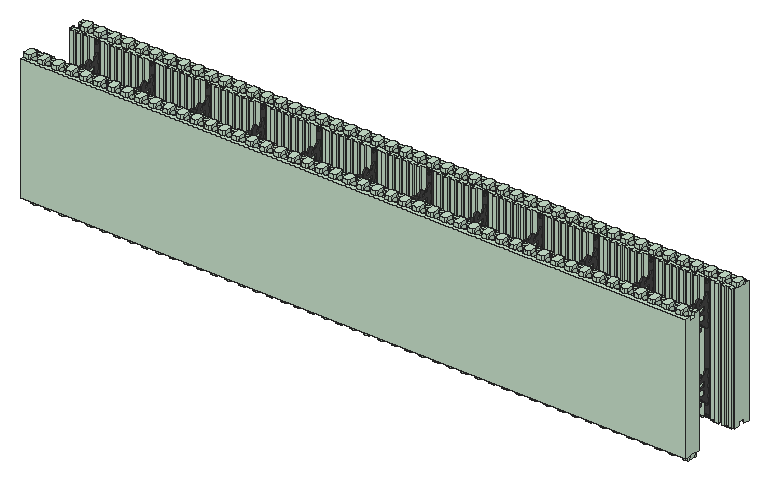
Revit family (continued)
Automatic sketch dimensions
  Extrusion 120 sketch curve to Extrusion 120 sketch curve = 0' - 0 1/4"  (x4)
  Extrusion 120 sketch curve to Extrusion 120 sketch curve = 0' - 0.07692"  (x2)
  Extrusion 120 sketch curve to Extrusion 120 sketch curve = 0' - 0.17323"
  Extrusion 120 sketch curve to Extrusion 120 sketch curve = 0' - 0.01019"
  Extrusion 120 sketch curve to Extrusion 120 sketch curve = 0' - 0.07677"
  Extrusion 120 sketch curve to Extrusion 120 sketch curve = 0' - 0.17083"
  Extrusion 120 sketch curve to Extrusion 120 sketch curve = 0' - 0.01665"
  Extrusion 120 sketch curve to Extrusion 120 sketch curve = 0' - 0.14808"
  Extrusion 120 sketch curve to Extrusion 120 sketch curve = 0' - 0.33686"
  Extrusion 120 sketch curve to Extrusion 120 sketch curve = 0' - 0.2216"
  plane 8 to Extrusion 121 sketch curve = 0' - 0.72692"
  Extrusion 121 sketch curve to plane 3 "Center (Left/Right)" = 3' - 11"
  Extrusion 121 sketch curve to Extrusion 121 sketch curve = 0' - 0.17308"  (x2)
  Extrusion 121 sketch curve to Extrusion 121 sketch curve = 0' - 0"  (x5)
  Extrusion 121 sketch curve to Extrusion 121 sketch curve = 0' - 0 1/4"  (x4)
  Extrusion 121 sketch curve to Extrusion 121 sketch curve = 0' - 0.07692"  (x2)
  Extrusion 121 sketch curve to Extrusion 121 sketch curve = 0' - 0.17323"
  Extrusion 121 sketch curve to Extrusion 121 sketch curve = 0' - 0.01019"
  Extrusion 121 sketch curve to Extrusion 121 sketch curve = 0' - 0.07677"
  Extrusion 121 sketch curve to Extrusion 121 sketch curve = 0' - 0.17083"
  Extrusion 121 sketch curve to Extrusion 121 sketch curve = 0' - 0.01665"
  Extrusion 121 sketch curve to Extrusion 121 sketch curve = 0' - 0.14808"
  Extrusion 121 sketch curve to Extrusion 121 sketch curve = 0' - 0.33686"
  Extrusion 121 sketch curve to Extrusion 121 sketch curve = 0' - 0.2216"
  plane 8 to Extrusion 122 sketch curve = 0' - 0.72692"
  plane 4 to Extrusion 122 sketch curve = 3' - 11"
  Extrusion 122 sketch curve to Extrusion 122 sketch curve = 0' - 0.17308"  (x2)
  Extrusion 122 sketch curve to Extrusion 122 sketch curve = 0' - 0"  (x5)
  Extrusion 122 sketch curve to Extrusion 122 sketch curve = 0' - 0 1/4"  (x4)
  Extrusion 122 sketch curve to Extrusion 122 sketch curve = 0' - 0.07692"  (x2)
  Extrusion 122 sketch curve to Extrusion 122 sketch curve = 0' - 0.17323"
  Extrusion 122 sketch curve to Extrusion 122 sketch curve = 0' - 0.01019"
  Extrusion 122 sketch curve to Extrusion 122 sketch curve = 0' - 0.07677"
  Extrusion 122 sketch curve to Extrusion 122 sketch curve = 0' - 0.17083"
  Extrusion 122 sketch curve to Extrusion 122 sketch curve = 0' - 0.01665"
  Extrusion 122 sketch curve to Extrusion 122 sketch curve = 0' - 0.14808"
  Extrusion 122 sketch curve to Extrusion 122 sketch curve = 0' - 0.33686"
  Extrusion 122 sketch curve to Extrusion 122 sketch curve = 0' - 0.2216"
  plane 8 to Extrusion 123 sketch curve = 0' - 0.72692"
  plane 4 to Extrusion 123 sketch curve = 3' - 9"
  Extrusion 123 sketch curve to Extrusion 123 sketch curve = 0' - 0.17308"  (x2)
  Extrusion 123 sketch curve to Extrusion 123 sketch curve = 0' - 0"  (x5)
  Extrusion 123 sketch curve to Extrusion 123 sketch curve = 0' - 0.07692"  (x3)
  Extrusion 123 sketch curve to Extrusion 123 sketch curve = 0' - 0 1/4"  (x3)
  Extrusion 123 sketch curve to Extrusion 123 sketch curve = 0' - 0.17323"
  Extrusion 123 sketch curve to Extrusion 123 sketch curve = 0' - 0.01019"
  Extrusion 123 sketch curve to Extrusion 123 sketch curve = 0' - 0.07677"
  Extrusion 123 sketch curve to Extrusion 123 sketch curve = 0' - 0.17083"
  Extrusion 123 sketch curve to Extrusion 123 sketch curve = 0' - 0.01665"
  Extrusion 123 sketch curve to Extrusion 123 sketch curve = 0' - 0.14808"
  Extrusion 123 sketch curve to Extrusion 123 sketch curve = 0' - 0.33686"
  Extrusion 123 sketch curve to Extrusion 123 sketch curve = 0' - 0.2216"
  plane 8 to Extrusion 124 sketch curve = 0' - 0.72692"
  plane 4 to Extrusion 124 sketch curve = 3' - 7"
  Extrusion 124 sketch curve to Extrusion 124 sketch curve = 0' - 0.17308"  (x2)
  Extrusion 124 sketch curve to Extrusion 124 sketch curve = 0' - 0"  (x5)
  Extrusion 124 sketch curve to Extrusion 124 sketch curve = 0' - 0 1/4"  (x4)
  Extrusion 124 sketch curve to Extrusion 124 sketch curve = 0' - 0.07692"  (x2)
  Extrusion 124 sketch curve to Extrusion 124 sketch curve = 0' - 0.17323"
  Extrusion 124 sketch curve to Extrusion 124 sketch curve = 0' - 0.01019"
  Extrusion 124 sketch curve to Extrusion 124 sketch curve = 0' - 0.07677"
  Extrusion 124 sketch curve to Extrusion 124 sketch curve = 0' - 0.17083"
  Extrusion 124 sketch curve to Extrusion 124 sketch curve = 0' - 0.01665"
  Extrusion 124 sketch curve to Extrusion 124 sketch curve = 0' - 0.14808"
  Extrusion 124 sketch curve to Extrusion 124 sketch curve = 0' - 0.33686"
  Extrusion 124 sketch curve to Extrusion 124 sketch curve = 0' - 0.2216"
  plane 8 to Extrusion 125 sketch curve = 0' - 0.72692"
  plane 4 to Extrusion 125 sketch curve = 3' - 5"
  Extrusion 125 sketch curve to Extrusion 125 sketch curve = 0' - 0.17308"  (x2)
  Extrusion 125 sketch curve to Extrusion 125 sketch curve = 0' - 0"  (x5)
  Extrusion 125 sketch curve to Extrusion 125 sketch curve = 0' - 0 1/4"  (x4)
  Extrusion 125 sketch curve to Extrusion 125 sketch curve = 0' - 0.07692"  (x2)
  Extrusion 125 sketch curve to Extrusion 125 sketch curve = 0' - 0.17323"
  Extrusion 125 sketch curve to Extrusion 125 sketch curve = 0' - 0.01019"
  Extrusion 125 sketch curve to Extrusion 125 sketch curve = 0' - 0.07677"
  Extrusion 125 sketch curve to Extrusion 125 sketch curve = 0' - 0.17083"
  Extrusion 125 sketch curve to Extrusion 125 sketch curve = 0' - 0.01665"
  Extrusion 125 sketch curve to Extrusion 125 sketch curve = 0' - 0.14808"
  Extrusion 125 sketch curve to Extrusion 125 sketch curve = 0' - 0.33686"
  Extrusion 125 sketch curve to Extrusion 125 sketch curve = 0' - 0.2216"
  plane 8 to Extrusion 126 sketch curve = 0' - 0.72692"
  plane 4 to Extrusion 126 sketch curve = 3' - 3"
  Extrusion 126 sketch curve to Extrusion 126 sketch curve = 0' - 0.17308"  (x2)
  Extrusion 126 sketch curve to Extrusion 126 sketch curve = 0' - 0"  (x5)
  Extrusion 126 sketch curve to Extrusion 126 sketch curve = 0' - 0 1/4"  (x4)
  Extrusion 126 sketch curve to Extrusion 126 sketch curve = 0' - 0.07692"  (x2)
  Extrusion 126 sketch curve to Extrusion 126 sketch curve = 0' - 0.17323"
  Extrusion 126 sketch curve to Extrusion 126 sketch curve = 0' - 0.01019"
  Extrusion 126 sketch curve to Extrusion 126 sketch curve = 0' - 0.07677"
  Extrusion 126 sketch curve to Extrusion 126 sketch curve = 0' - 0.17083"
  Extrusion 126 sketch curve to Extrusion 126 sketch curve = 0' - 0.01665"
  Extrusion 126 sketch curve to Extrusion 126 sketch curve = 0' - 0.14808"
  Extrusion 126 sketch curve to Extrusion 126 sketch curve = 0' - 0.33686"
  Extrusion 126 sketch curve to Extrusion 126 sketch curve = 0' - 0.2216"
  plane 8 to Extrusion 127 sketch curve = 0' - 0.72692"
  plane 4 to Extrusion 127 sketch curve = 3' - 1"
  Extrusion 127 sketch curve to Extrusion 127 sketch curve = 0' - 0.17308"  (x2)
  Extrusion 127 sketch curve to Extrusion 127 sketch curve = 0' - 0"  (x5)
  Extrusion 127 sketch curve to Extrusion 127 sketch curve = 0' - 0 1/4"  (x4)
  Extrusion 127 sketch curve to Extrusion 127 sketch curve = 0' - 0.07692"  (x2)
  Extrusion 127 sketch curve to Extrusion 127 sketch curve = 0' - 0.17323"
  Extrusion 127 sketch curve to Extrusion 127 sketch curve = 0' - 0.01019"
  Extrusion 127 sketch curve to Extrusion 127 sketch curve = 0' - 0.07677"
  Extrusion 127 sketch curve to Extrusion 127 sketch curve = 0' - 0.17083"
  Extrusion 127 sketch curve to Extrusion 127 sketch curve = 0' - 0.01665"
  Extrusion 127 sketch curve to Extrusion 127 sketch curve = 0' - 0.14808"
  Extrusion 127 sketch curve to Extrusion 127 sketch curve = 0' - 0.33686"
  Extrusion 127 sketch curve to Extrusion 127 sketch curve = 0' - 0.2216"
  plane 8 to Extrusion 128 sketch curve = 0' - 0.72692"
  plane 4 to Extrusion 128 sketch curve = 2' - 11"
  Extrusion 128 sketch curve to Extrusion 128 sketch curve = 0' - 0.17308"  (x2)
  Extrusion 128 sketch curve to Extrusion 128 sketch curve = 0' - 0"  (x5)
  Extrusion 128 sketch curve to Extrusion 128 sketch curve = 0' - 0 1/4"  (x4)
  Extrusion 128 sketch curve to Extrusion 128 sketch curve = 0' - 0.07692"  (x2)
  Extrusion 128 sketch curve to Extrusion 128 sketch curve = 0' - 0.17323"
  Extrusion 128 sketch curve to Extrusion 128 sketch curve = 0' - 0.01019"
  Extrusion 128 sketch curve to Extrusion 128 sketch curve = 0' - 0.07677"
  Extrusion 128 sketch curve to Extrusion 128 sketch curve = 0' - 0.17083"
  Extrusion 128 sketch curve to Extrusion 128 sketch curve = 0' - 0.01665"
  Extrusion 128 sketch curve to Extrusion 128 sketch curve = 0' - 0.14808"
  Extrusion 128 sketch curve to Extrusion 128 sketch curve = 0' - 0.33686"
  Extrusion 128 sketch curve to Extrusion 128 sketch curve = 0' - 0.2216"
  plane 8 to Extrusion 129 sketch curve = 0' - 0.72692"
  plane 4 to Extrusion 129 sketch curve = 2' - 9"
  Extrusion 129 sketch curve to Extrusion 129 sketch curve = 0' - 0.17308"  (x2)
  Extrusion 129 sketch curve to Extrusion 129 sketch curve = 0' - 0"  (x5)
  Extrusion 129 sketch curve to Extrusion 129 sketch curve = 0' - 0 1/4"  (x4)
  Extrusion 129 sketch curve to Extrusion 129 sketch curve = 0' - 0.07692"  (x2)
  Extrusion 129 sketch curve to Extrusion 129 sketch curve = 0' - 0.17323"
  Extrusion 129 sketch curve to Extrusion 129 sketch curve = 0' - 0.01019"
  Extrusion 129 sketch curve to Extrusion 129 sketch curve = 0' - 0.07677"
  Extrusion 129 sketch curve to Extrusion 129 sketch curve = 0' - 0.17083"
  Extrusion 129 sketch curve to Extrusion 129 sketch curve = 0' - 0.01665"
  Extrusion 129 sketch curve to Extrusion 129 sketch curve = 0' - 0.14808"
  Extrusion 129 sketch curve to Extrusion 129 sketch curve = 0' - 0.33686"
  Extrusion 129 sketch curve to Extrusion 129 sketch curve = 0' - 0.2216"
  plane 8 to Extrusion 130 sketch curve = 0' - 0.72692"
  plane 4 to Extrusion 130 sketch curve = 2' - 7"
  Extrusion 130 sketch curve to Extrusion 130 sketch curve = 0' - 0.17308"  (x2)
  Extrusion 130 sketch curve to Extrusion 130 sketch curve = 0' - 0"  (x5)
  Extrusion 130 sketch curve to Extrusion 130 sketch curve = 0' - 0 1/4"  (x4)
  Extrusion 130 sketch curve to Extrusion 130 sketch curve = 0' - 0.07692"  (x2)
  Extrusion 130 sketch curve to Extrusion 130 sketch curve = 0' - 0.17323"
  Extrusion 130 sketch curve to Extrusion 130 sketch curve = 0' - 0.01019"
  Extrusion 130 sketch curve to Extrusion 130 sketch curve = 0' - 0.07677"
  Extrusion 130 sketch curve to Extrusion 130 sketch curve = 0' - 0.17083"
  Extrusion 130 sketch curve to Extrusion 130 sketch curve = 0' - 0.01665"
  Extrusion 130 sketch curve to Extrusion 130 sketch curve = 0' - 0.14808"
  Extrusion 130 sketch curve to Extrusion 130 sketch curve = 0' - 0.33686"
  Extrusion 130 sketch curve to Extrusion 130 sketch curve = 0' - 0.2216"
  plane 8 to Extrusion 131 sketch curve = 0' - 0.72692"
  plane 4 to Extrusion 131 sketch curve = 2' - 5"
  Extrusion 131 sketch curve to Extrusion 131 sketch curve = 0' - 0.17308"  (x2)
  Extrusion 131 sketch curve to Extrusion 131 sketch curve = 0' - 0"  (x5)
  Extrusion 131 sketch curve to Extrusion 131 sketch curve = 0' - 0 1/4"  (x4)
  Extrusion 131 sketch curve to Extrusion 131 sketch curve = 0' - 0.07692"  (x2)
  Extrusion 131 sketch curve to Extrusion 131 sketch curve = 0' - 0.17323"
  Extrusion 131 sketch curve to Extrusion 131 sketch curve = 0' - 0.01019"
  Extrusion 131 sketch curve to Extrusion 131 sketch curve = 0' - 0.07677"
  Extrusion 131 sketch curve to Extrusion 131 sketch curve = 0' - 0.17083"
  Extrusion 131 sketch curve to Extrusion 131 sketch curve = 0' - 0.01665"
  Extrusion 131 sketch curve to Extrusion 131 sketch curve = 0' - 0.14808"
  Extrusion 131 sketch curve to Extrusion 131 sketch curve = 0' - 0.33686"
  Extrusion 131 sketch curve to Extrusion 131 sketch curve = 0' - 0.2216"
  plane 8 to Extrusion 132 sketch curve = 0' - 0.72692"
  plane 4 to Extrusion 132 sketch curve = 2' - 3"
  Extrusion 132 sketch curve to Extrusion 132 sketch curve = 0' - 0.17308"  (x2)
  Extrusion 132 sketch curve to Extrusion 132 sketch curve = 0' - 0"  (x5)
  Extrusion 132 sketch curve to Extrusion 132 sketch curve = 0' - 0 1/4"  (x4)
  Extrusion 132 sketch curve to Extrusion 132 sketch curve = 0' - 0.07692"  (x2)
  Extrusion 132 sketch curve to Extrusion 132 sketch curve = 0' - 0.17323"
  Extrusion 132 sketch curve to Extrusion 132 sketch curve = 0' - 0.01019"
  Extrusion 132 sketch curve to Extrusion 132 sketch curve = 0' - 0.07677"
  Extrusion 132 sketch curve to Extrusion 132 sketch curve = 0' - 0.17083"
  Extrusion 132 sketch curve to Extrusion 132 sketch curve = 0' - 0.01665"
  Extrusion 132 sketch curve to Extrusion 132 sketch curve = 0' - 0.14808"
  Extrusion 132 sketch curve to Extrusion 132 sketch curve = 0' - 0.33686"
  Extrusion 132 sketch curve to Extrusion 132 sketch curve = 0' - 0.2216"
  plane 8 to Extrusion 133 sketch curve = 0' - 0.72692"
  plane 4 to Extrusion 133 sketch curve = 2' - 1"
  Extrusion 133 sketch curve to Extrusion 133 sketch curve = 0' - 0.17308"  (x2)
  Extrusion 133 sketch curve to Extrusion 133 sketch curve = 0' - 0"  (x5)
  Extrusion 133 sketch curve to Extrusion 133 sketch curve = 0' - 0 1/4"  (x4)
  Extrusion 133 sketch curve to Extrusion 133 sketch curve = 0' - 0.07692"  (x2)
  Extrusion 133 sketch curve to Extrusion 133 sketch curve = 0' - 0.17323"
  Extrusion 133 sketch curve to Extrusion 133 sketch curve = 0' - 0.01019"
  Extrusion 133 sketch curve to Extrusion 133 sketch curve = 0' - 0.07677"
  Extrusion 133 sketch curve to Extrusion 133 sketch curve = 0' - 0.17083"
  Extrusion 133 sketch curve to Extrusion 133 sketch curve = 0' - 0.01665"
  Extrusion 133 sketch curve to Extrusion 133 sketch curve = 0' - 0.14808"
  Extrusion 133 sketch curve to Extrusion 133 sketch curve = 0' - 0.33686"
  Extrusion 133 sketch curve to Extrusion 133 sketch curve = 0' - 0.2216"
  plane 8 to Extrusion 134 sketch curve = 0' - 0.72692"
  plane 4 to Extrusion 134 sketch curve = 1' - 11"
  Extrusion 134 sketch curve to Extrusion 134 sketch curve = 0' - 0.17308"  (x2)
  Extrusion 134 sketch curve to Extrusion 134 sketch curve = 0' - 0"  (x5)
  Extrusion 134 sketch curve to Extrusion 134 sketch curve = 0' - 0 1/4"  (x4)
  Extrusion 134 sketch curve to Extrusion 134 sketch curve = 0' - 0.07692"  (x2)
  Extrusion 134 sketch curve to Extrusion 134 sketch curve = 0' - 0.17323"
  Extrusion 134 sketch curve to Extrusion 134 sketch curve = 0' - 0.01019"
  Extrusion 134 sketch curve to Extrusion 134 sketch curve = 0' - 0.07677"
  Extrusion 134 sketch curve to Extrusion 134 sketch curve = 0' - 0.17083"
  Extrusion 134 sketch curve to Extrusion 134 sketch curve = 0' - 0.01665"
  Extrusion 134 sketch curve to Extrusion 134 sketch curve = 0' - 0.14808"
  Extrusion 134 sketch curve to Extrusion 134 sketch curve = 0' - 0.33686"
  Extrusion 134 sketch curve to Extrusion 134 sketch curve = 0' - 0.2216"
  plane 8 to Extrusion 135 sketch curve = 0' - 0.72692"
  plane 4 to Extrusion 135 sketch curve = 1' - 9"
  Extrusion 135 sketch curve to Extrusion 135 sketch curve = 0' - 0.17308"  (x2)
  Extrusion 135 sketch curve to Extrusion 135 sketch curve = 0' - 0"  (x5)
  Extrusion 135 sketch curve to Extrusion 135 sketch curve = 0' - 0 1/4"  (x4)
  Extrusion 135 sketch curve to Extrusion 135 sketch curve = 0' - 0.07692"  (x2)
  Extrusion 135 sketch curve to Extrusion 135 sketch curve = 0' - 0.17323"
  Extrusion 135 sketch curve to Extrusion 135 sketch curve = 0' - 0.01019"
  Extrusion 135 sketch curve to Extrusion 135 sketch curve = 0' - 0.07677"
  Extrusion 135 sketch curve to Extrusion 135 sketch curve = 0' - 0.17083"
  Extrusion 135 sketch curve to Extrusion 135 sketch curve = 0' - 0.01665"
  Extrusion 135 sketch curve to Extrusion 135 sketch curve = 0' - 0.14808"
  Extrusion 135 sketch curve to Extrusion 135 sketch curve = 0' - 0.33686"
  Extrusion 135 sketch curve to Extrusion 135 sketch curve = 0' - 0.2216"
  plane 8 to Extrusion 136 sketch curve = 0' - 0.72692"
  plane 4 to Extrusion 136 sketch curve = 1' - 7"
  Extrusion 136 sketch curve to Extrusion 136 sketch curve = 0' - 0.17308"  (x2)
  Extrusion 136 sketch curve to Extrusion 136 sketch curve = 0' - 0"  (x5)
  Extrusion 136 sketch curve to Extrusion 136 sketch curve = 0' - 0 1/4"  (x4)
  Extrusion 136 sketch curve to Extrusion 136 sketch curve = 0' - 0.07692"  (x2)
  Extrusion 136 sketch curve to Extrusion 136 sketch curve = 0' - 0.17323"
  Extrusion 136 sketch curve to Extrusion 136 sketch curve = 0' - 0.01019"
  Extrusion 136 sketch curve to Extrusion 136 sketch curve = 0' - 0.07677"
  Extrusion 136 sketch curve to Extrusion 136 sketch curve = 0' - 0.17083"
  Extrusion 136 sketch curve to Extrusion 136 sketch curve = 0' - 0.01665"
  Extrusion 136 sketch curve to Extrusion 136 sketch curve = 0' - 0.14808"
  Extrusion 136 sketch curve to Extrusion 136 sketch curve = 0' - 0.33686"
  Extrusion 136 sketch curve to Extrusion 136 sketch curve = 0' - 0.2216"
  plane 8 to Extrusion 137 sketch curve = 0' - 0.72692"
  plane 4 to Extrusion 137 sketch curve = 1' - 5"
  Extrusion 137 sketch curve to Extrusion 137 sketch curve = 0' - 0.17308"  (x2)
  Extrusion 137 sketch curve to Extrusion 137 sketch curve = 0' - 0"  (x5)
  Extrusion 137 sketch curve to Extrusion 137 sketch curve = 0' - 0 1/4"  (x4)
  Extrusion 137 sketch curve to Extrusion 137 sketch curve = 0' - 0.07692"  (x2)
  Extrusion 137 sketch curve to Extrusion 137 sketch curve = 0' - 0.17323"
  Extrusion 137 sketch curve to Extrusion 137 sketch curve = 0' - 0.01019"
  Extrusion 137 sketch curve to Extrusion 137 sketch curve = 0' - 0.07677"
  Extrusion 137 sketch curve to Extrusion 137 sketch curve = 0' - 0.17083"
  Extrusion 137 sketch curve to Extrusion 137 sketch curve = 0' - 0.01665"
  Extrusion 137 sketch curve to Extrusion 137 sketch curve = 0' - 0.14808"
  Extrusion 137 sketch curve to Extrusion 137 sketch curve = 0' - 0.33686"
  Extrusion 137 sketch curve to Extrusion 137 sketch curve = 0' - 0.2216"
  plane 8 to Extrusion 138 sketch curve = 0' - 0.72692"
  plane 4 to Extrusion 138 sketch curve = 1' - 3"
  Extrusion 138 sketch curve to Extrusion 138 sketch curve = 0' - 0.17308"  (x2)
  Extrusion 138 sketch curve to Extrusion 138 sketch curve = 0' - 0"  (x5)
  Extrusion 138 sketch curve to Extrusion 138 sketch curve = 0' - 0.07692"  (x3)
  Extrusion 138 sketch curve to Extrusion 138 sketch curve = 0' - 0 1/4"  (x3)
  Extrusion 138 sketch curve to Extrusion 138 sketch curve = 0' - 0.17323"
  Extrusion 138 sketch curve to Extrusion 138 sketch curve = 0' - 0.01019"
  Extrusion 138 sketch curve to Extrusion 138 sketch curve = 0' - 0.07677"
  Extrusion 138 sketch curve to Extrusion 138 sketch curve = 0' - 0.17083"
  Extrusion 138 sketch curve to Extrusion 138 sketch curve = 0' - 0.01665"
  Extrusion 138 sketch curve to Extrusion 138 sketch curve = 0' - 0.14808"
  Extrusion 138 sketch curve to Extrusion 138 sketch curve = 0' - 0.33686"
  Extrusion 138 sketch curve to Extrusion 138 sketch curve = 0' - 0.2216"
  plane 8 to Extrusion 139 sketch curve = 0' - 0.72692"
  plane 4 to Extrusion 139 sketch curve = 1' - 1"
  Extrusion 139 sketch curve to Extrusion 139 sketch curve = 0' - 0.17308"  (x2)
  Extrusion 139 sketch curve to Extrusion 139 sketch curve = 0' - 0"  (x5)
  Extrusion 139 sketch curve to Extrusion 139 sketch curve = 0' - 0 1/4"  (x4)
  Extrusion 139 sketch curve to Extrusion 139 sketch curve = 0' - 0.07692"  (x2)
  Extrusion 139 sketch curve to Extrusion 139 sketch curve = 0' - 0.17323"
  Extrusion 139 sketch curve to Extrusion 139 sketch curve = 0' - 0.01019"
  Extrusion 139 sketch curve to Extrusion 139 sketch curve = 0' - 0.07677"
  Extrusion 139 sketch curve to Extrusion 139 sketch curve = 0' - 0.17083"
  Extrusion 139 sketch curve to Extrusion 139 sketch curve = 0' - 0.01665"
  Extrusion 139 sketch curve to Extrusion 139 sketch curve = 0' - 0.14808"
  Extrusion 139 sketch curve to Extrusion 139 sketch curve = 0' - 0.33686"
  Extrusion 139 sketch curve to Extrusion 139 sketch curve = 0' - 0.2216"
  plane 8 to Extrusion 140 sketch curve = 0' - 0.72692"
  plane 4 to Extrusion 140 sketch curve = 0' - 11"
  Extrusion 140 sketch curve to Extrusion 140 sketch curve = 0' - 0.17308"  (x2)
  Extrusion 140 sketch curve to Extrusion 140 sketch curve = 0' - 0"  (x5)
  Extrusion 140 sketch curve to Extrusion 140 sketch curve = 0' - 0 1/4"  (x4)
  Extrusion 140 sketch curve to Extrusion 140 sketch curve = 0' - 0.07692"  (x2)
  Extrusion 140 sketch curve to Extrusion 140 sketch curve = 0' - 0.17323"
  Extrusion 140 sketch curve to Extrusion 140 sketch curve = 0' - 0.01019"
  Extrusion 140 sketch curve to Extrusion 140 sketch curve = 0' - 0.07677"
  Extrusion 140 sketch curve to Extrusion 140 sketch curve = 0' - 0.17083"
  Extrusion 140 sketch curve to Extrusion 140 sketch curve = 0' - 0.01665"
  Extrusion 140 sketch curve to Extrusion 140 sketch curve = 0' - 0.14808"
  Extrusion 140 sketch curve to Extrusion 140 sketch curve = 0' - 0.33686"
  Extrusion 140 sketch curve to Extrusion 140 sketch curve = 0' - 0.2216"
  plane 8 to Extrusion 141 sketch curve = 0' - 0.72692"
  plane 4 to Extrusion 141 sketch curve = 0' - 9"
  Extrusion 141 sketch curve to Extrusion 141 sketch curve = 0' - 0.17308"  (x2)
  Extrusion 141 sketch curve to Extrusion 141 sketch curve = 0' - 0"  (x5)
  Extrusion 141 sketch curve to Extrusion 141 sketch curve = 0' - 0 1/4"  (x4)
  Extrusion 141 sketch curve to Extrusion 141 sketch curve = 0' - 0.07692"  (x2)
  Extrusion 141 sketch curve to Extrusion 141 sketch curve = 0' - 0.17323"
  Extrusion 141 sketch curve to Extrusion 141 sketch curve = 0' - 0.01019"
  Extrusion 141 sketch curve to Extrusion 141 sketch curve = 0' - 0.07677"
  Extrusion 141 sketch curve to Extrusion 141 sketch curve = 0' - 0.17083"
  Extrusion 141 sketch curve to Extrusion 141 sketch curve = 0' - 0.01665"
  Extrusion 141 sketch curve to Extrusion 141 sketch curve = 0' - 0.14808"
  Extrusion 141 sketch curve to Extrusion 141 sketch curve = 0' - 0.33686"
  Extrusion 141 sketch curve to Extrusion 141 sketch curve = 0' - 0.2216"
  plane 8 to Extrusion 142 sketch curve = 0' - 0.72692"
  plane 4 to Extrusion 142 sketch curve = 0' - 7"
  Extrusion 142 sketch curve to Extrusion 142 sketch curve = 0' - 0.17308"  (x2)
  Extrusion 142 sketch curve to Extrusion 142 sketch curve = 0' - 0"  (x5)
  Extrusion 142 sketch curve to Extrusion 142 sketch curve = 0' - 0 1/4"  (x4)
  Extrusion 142 sketch curve to Extrusion 142 sketch curve = 0' - 0.07692"  (x2)
  Extrusion 142 sketch curve to Extrusion 142 sketch curve = 0' - 0.17323"
  Extrusion 142 sketch curve to Extrusion 142 sketch curve = 0' - 0.01019"
  Extrusion 142 sketch curve to Extrusion 142 sketch curve = 0' - 0.07677"
  Extrusion 142 sketch curve to Extrusion 142 sketch curve = 0' - 0.17083"
  Extrusion 142 sketch curve to Extrusion 142 sketch curve = 0' - 0.01665"
  Extrusion 142 sketch curve to Extrusion 142 sketch curve = 0' - 0.14808"
  Extrusion 142 sketch curve to Extrusion 142 sketch curve = 0' - 0.33686"
  Extrusion 142 sketch curve to Extrusion 142 sketch curve = 0' - 0.2216"
  plane 8 to Extrusion 143 sketch curve = 0' - 0.72692"
  plane 4 to Extrusion 143 sketch curve = 0' - 5"
  Extrusion 143 sketch curve to Extrusion 143 sketch curve = 0' - 0.17308"  (x2)
  Extrusion 143 sketch curve to Extrusion 143 sketch curve = 0' - 0"  (x5)
  Extrusion 143 sketch curve to Extrusion 143 sketch curve = 0' - 0 1/4"  (x4)
  Extrusion 143 sketch curve to Extrusion 143 sketch curve = 0' - 0.07692"  (x2)
  Extrusion 143 sketch curve to Extrusion 143 sketch curve = 0' - 0.17323"
  Extrusion 143 sketch curve to Extrusion 143 sketch curve = 0' - 0.01019"
  Extrusion 143 sketch curve to Extrusion 143 sketch curve = 0' - 0.07677"
  Extrusion 143 sketch curve to Extrusion 143 sketch curve = 0' - 0.17083"
  Extrusion 143 sketch curve to Extrusion 143 sketch curve = 0' - 0.01665"
  Extrusion 143 sketch curve to Extrusion 143 sketch curve = 0' - 0.14808"
  Extrusion 143 sketch curve to Extrusion 143 sketch curve = 0' - 0.33686"
  Extrusion 143 sketch curve to Extrusion 143 sketch curve = 0' - 0.2216"
  plane 8 to Extrusion 144 sketch curve = 0' - 0.72692"
  plane 4 to Extrusion 144 sketch curve = 0' - 3"
  Extrusion 144 sketch curve to Extrusion 144 sketch curve = 0' - 0.17308"  (x2)
  Extrusion 144 sketch curve to Extrusion 144 sketch curve = 0' - 0"  (x5)
  Extrusion 144 sketch curve to Extrusion 144 sketch curve = 0' - 0 1/4"  (x4)
  Extrusion 144 sketch curve to Extrusion 144 sketch curve = 0' - 0.07692"  (x2)
  Extrusion 144 sketch curve to Extrusion 144 sketch curve = 0' - 0.17323"
  Extrusion 144 sketch curve to Extrusion 144 sketch curve = 0' - 0.01019"
  Extrusion 144 sketch curve to Extrusion 144 sketch curve = 0' - 0.07677"
  Extrusion 144 sketch curve to Extrusion 144 sketch curve = 0' - 0.17083"
  Extrusion 144 sketch curve to Extrusion 144 sketch curve = 0' - 0.01665"
  Extrusion 144 sketch curve to Extrusion 144 sketch curve = 0' - 0.14808"
  Extrusion 144 sketch curve to Extrusion 144 sketch curve = 0' - 0.33686"
  Extrusion 144 sketch curve to Extrusion 144 sketch curve = 0' - 0.2216"
  plane 4 to Extrusion 145 sketch curve = 0' - 1"
  Extrusion 145 sketch curve to Extrusion 145 sketch curve = 0' - 0.17308"  (x2)
  Extrusion 145 sketch curve to Extrusion 145 sketch curve = 0' - 0"  (x5)
  Extrusion 145 sketch curve to Extrusion 145 sketch curve = 0' - 0 1/4"  (x4)
  Extrusion 145 sketch curve to Extrusion 145 sketch curve = 0' - 0.07692"  (x2)
  Extrusion 145 sketch curve to Extrusion 145 sketch curve = 0' - 0.17323"
  Extrusion 145 sketch curve to Extrusion 145 sketch curve = 0' - 0.01019"
  Extrusion 145 sketch curve to Extrusion 145 sketch curve = 0' - 0.07677"
  Extrusion 145 sketch curve to Extrusion 145 sketch curve = 0' - 0.17083"
  Extrusion 145 sketch curve to Extrusion 145 sketch curve = 0' - 0.01665"
  plane 8 to Extrusion 145 sketch curve = 0' - 0.48905"
  Extrusion 145 sketch curve to Extrusion 145 sketch curve = 0' - 0.14808"
  Extrusion 145 sketch curve to Extrusion 145 sketch curve = 0' - 0.33686"
  Extrusion 145 sketch curve to Extrusion 145 sketch curve = 0' - 0.2216"
  Extrusion 146 sketch curve to plane 4 = 0' - 0"
  plane 4 to Extrusion 146 sketch curve = 0' - 0.02075"
  Extrusion 146 sketch curve to Extrusion 146 sketch curve = 0' - 0.04585"
  Extrusion 146 sketch curve to Extrusion 146 sketch curve = 0' - 0"  (x4)
  Extrusion 146 sketch curve to Extrusion 146 sketch curve = 0' - 0.01665"
  plane 4 to Extrusion 146 sketch curve = 0' - 0.17308"
  Extrusion 146 sketch curve to Extrusion 146 sketch curve = 0' - 0 1/4"  (x5)
  Extrusion 146 sketch curve to Extrusion 146 sketch curve = 0' - 0.17083"
  Extrusion 146 sketch curve to Extrusion 146 sketch curve = 0' - 0 1/16"
  Extrusion 146 sketch curve to Extrusion 146 sketch curve = 0' - 0.01019"
  Extrusion 146 sketch curve to Extrusion 146 sketch curve = 0' - 0.07692"  (x2)
  Extrusion 146 sketch curve to plane 7 = 0' - 0.48905"
  Extrusion 146 sketch curve to Extrusion 146 sketch curve = 0' - 0.14808"
  Extrusion 146 sketch curve to Extrusion 146 sketch curve = 0' - 0.33686"
  Extrusion 146 sketch curve to Extrusion 146 sketch curve = 0' - 0.2216"
  Extrusion 147 sketch curve to plane 7 = 0' - 0.72692"
  plane 4 to Extrusion 147 sketch curve = 0' - 3"
  Extrusion 147 sketch curve to Extrusion 147 sketch curve = 0' - 0.17308"  (x2)
  Extrusion 147 sketch curve to Extrusion 147 sketch curve = 0' - 0"  (x5)
  Extrusion 147 sketch curve to Extrusion 147 sketch curve = 0' - 0 1/4"  (x4)
  Extrusion 147 sketch curve to Extrusion 147 sketch curve = 0' - 0.07692"  (x2)
  Extrusion 147 sketch curve to Extrusion 147 sketch curve = 0' - 0.17323"
  Extrusion 147 sketch curve to Extrusion 147 sketch curve = 0' - 0.01019"
  Extrusion 147 sketch curve to Extrusion 147 sketch curve = 0' - 0.07677"
  Extrusion 147 sketch curve to Extrusion 147 sketch curve = 0' - 0.17083"
  Extrusion 147 sketch curve to Extrusion 147 sketch curve = 0' - 0.01665"
  Extrusion 147 sketch curve to Extrusion 147 sketch curve = 0' - 0.14808"
  Extrusion 147 sketch curve to Extrusion 147 sketch curve = 0' - 0.33686"
  Extrusion 147 sketch curve to Extrusion 147 sketch curve = 0' - 0.2216"
  Extrusion 148 sketch curve to plane 7 = 0' - 0.72692"
  plane 4 to Extrusion 148 sketch curve = 0' - 5"
  Extrusion 148 sketch curve to Extrusion 148 sketch curve = 0' - 0.17308"  (x2)
  Extrusion 148 sketch curve to Extrusion 148 sketch curve = 0' - 0"  (x5)
  Extrusion 148 sketch curve to Extrusion 148 sketch curve = 0' - 0 1/4"  (x5)
  Extrusion 148 sketch curve to Extrusion 148 sketch curve = 0' - 0.17323"
  Extrusion 148 sketch curve to Extrusion 148 sketch curve = 0' - 0.01019"
  Extrusion 148 sketch curve to Extrusion 148 sketch curve = 0' - 0.07677"
  Extrusion 148 sketch curve to Extrusion 148 sketch curve = 0' - 0.07692"
  Extrusion 148 sketch curve to Extrusion 148 sketch curve = 0' - 0.17083"
  Extrusion 148 sketch curve to Extrusion 148 sketch curve = 0' - 0.01665"
  Extrusion 148 sketch curve to Extrusion 148 sketch curve = 0' - 0.14808"
  Extrusion 148 sketch curve to Extrusion 148 sketch curve = 0' - 0.33686"
  Extrusion 148 sketch curve to Extrusion 148 sketch curve = 0' - 0.2216"
  Extrusion 149 sketch curve to plane 7 = 0' - 0.72692"
  plane 4 to Extrusion 149 sketch curve = 0' - 7"
  Extrusion 149 sketch curve to Extrusion 149 sketch curve = 0' - 0.17308"  (x2)
  Extrusion 149 sketch curve to Extrusion 149 sketch curve = 0' - 0"  (x5)
  Extrusion 149 sketch curve to Extrusion 149 sketch curve = 0' - 0 1/4"  (x5)
  Extrusion 149 sketch curve to Extrusion 149 sketch curve = 0' - 0.17323"
  Extrusion 149 sketch curve to Extrusion 149 sketch curve = 0' - 0.01019"
  Extrusion 149 sketch curve to Extrusion 149 sketch curve = 0' - 0.07677"
  Extrusion 149 sketch curve to Extrusion 149 sketch curve = 0' - 0.07692"
  Extrusion 149 sketch curve to Extrusion 149 sketch curve = 0' - 0.17083"
  Extrusion 149 sketch curve to Extrusion 149 sketch curve = 0' - 0.01665"
  Extrusion 149 sketch curve to Extrusion 149 sketch curve = 0' - 0.14808"
  Extrusion 149 sketch curve to Extrusion 149 sketch curve = 0' - 0.33686"
  Extrusion 149 sketch curve to Extrusion 149 sketch curve = 0' - 0.2216"
  Extrusion 150 sketch curve to plane 7 = 0' - 0.72692"
  plane 4 to Extrusion 150 sketch curve = 0' - 9"
  Extrusion 150 sketch curve to Extrusion 150 sketch curve = 0' - 0.17308"  (x2)
  Extrusion 150 sketch curve to Extrusion 150 sketch curve = 0' - 0"  (x5)
  Extrusion 150 sketch curve to Extrusion 150 sketch curve = 0' - 0 1/4"  (x5)
  Extrusion 150 sketch curve to Extrusion 150 sketch curve = 0' - 0.17323"
  Extrusion 150 sketch curve to Extrusion 150 sketch curve = 0' - 0.01019"
  Extrusion 150 sketch curve to Extrusion 150 sketch curve = 0' - 0.07677"
  Extrusion 150 sketch curve to Extrusion 150 sketch curve = 0' - 0.07692"
  Extrusion 150 sketch curve to Extrusion 150 sketch curve = 0' - 0.17083"
  Extrusion 150 sketch curve to Extrusion 150 sketch curve = 0' - 0.01665"
  Extrusion 150 sketch curve to Extrusion 150 sketch curve = 0' - 0.14808"
  Extrusion 150 sketch curve to Extrusion 150 sketch curve = 0' - 0.33686"
  Extrusion 150 sketch curve to Extrusion 150 sketch curve = 0' - 0.2216"
  Extrusion 151 sketch curve to plane 7 = 0' - 0.72692"
  plane 4 to Extrusion 151 sketch curve = 0' - 11"
  Extrusion 151 sketch curve to Extrusion 151 sketch curve = 0' - 0.17308"  (x2)
  Extrusion 151 sketch curve to Extrusion 151 sketch curve = 0' - 0"  (x5)
  Extrusion 151 sketch curve to Extrusion 151 sketch curve = 0' - 0 1/4"  (x4)
  Extrusion 151 sketch curve to Extrusion 151 sketch curve = 0' - 0.07692"  (x2)
  Extrusion 151 sketch curve to Extrusion 151 sketch curve = 0' - 0.17323"
  Extrusion 151 sketch curve to Extrusion 151 sketch curve = 0' - 0.01019"
  Extrusion 151 sketch curve to Extrusion 151 sketch curve = 0' - 0.07677"
  Extrusion 151 sketch curve to Extrusion 151 sketch curve = 0' - 0.17083"
  Extrusion 151 sketch curve to Extrusion 151 sketch curve = 0' - 0.01665"
  Extrusion 151 sketch curve to Extrusion 151 sketch curve = 0' - 0.14808"
  Extrusion 151 sketch curve to Extrusion 151 sketch curve = 0' - 0.33686"
  Extrusion 151 sketch curve to Extrusion 151 sketch curve = 0' - 0.2216"
  Extrusion 152 sketch curve to plane 7 = 0' - 0.72692"
  plane 4 to Extrusion 152 sketch curve = 1' - 1"
  Extrusion 152 sketch curve to Extrusion 152 sketch curve = 0' - 0.17308"  (x2)
  Extrusion 152 sketch curve to Extrusion 152 sketch curve = 0' - 0"  (x5)
  Extrusion 152 sketch curve to Extrusion 152 sketch curve = 0' - 0 1/4"  (x5)
  Extrusion 152 sketch curve to Extrusion 152 sketch curve = 0' - 0.17323"
  Extrusion 152 sketch curve to Extrusion 152 sketch curve = 0' - 0.01019"
  Extrusion 152 sketch curve to Extrusion 152 sketch curve = 0' - 0.07677"
  Extrusion 152 sketch curve to Extrusion 152 sketch curve = 0' - 0.07692"
  Extrusion 152 sketch curve to Extrusion 152 sketch curve = 0' - 0.17083"
  Extrusion 152 sketch curve to Extrusion 152 sketch curve = 0' - 0.01665"
  Extrusion 152 sketch curve to Extrusion 152 sketch curve = 0' - 0.14808"
  Extrusion 152 sketch curve to Extrusion 152 sketch curve = 0' - 0.33686"
  Extrusion 152 sketch curve to Extrusion 152 sketch curve = 0' - 0.2216"
  Extrusion 153 sketch curve to plane 7 = 0' - 0.72692"
  plane 4 to Extrusion 153 sketch curve = 1' - 3"
  Extrusion 153 sketch curve to Extrusion 153 sketch curve = 0' - 0.17308"  (x2)
  Extrusion 153 sketch curve to Extrusion 153 sketch curve = 0' - 0"  (x5)
  Extrusion 153 sketch curve to Extrusion 153 sketch curve = 0' - 0 1/4"  (x4)
  Extrusion 153 sketch curve to Extrusion 153 sketch curve = 0' - 0.07692"  (x2)
  Extrusion 153 sketch curve to Extrusion 153 sketch curve = 0' - 0.17323"
  Extrusion 153 sketch curve to Extrusion 153 sketch curve = 0' - 0.01019"
  Extrusion 153 sketch curve to Extrusion 153 sketch curve = 0' - 0.07677"
  Extrusion 153 sketch curve to Extrusion 153 sketch curve = 0' - 0.17083"
  Extrusion 153 sketch curve to Extrusion 153 sketch curve = 0' - 0.01665"
  Extrusion 153 sketch curve to Extrusion 153 sketch curve = 0' - 0.14808"
  Extrusion 153 sketch curve to Extrusion 153 sketch curve = 0' - 0.33686"
  Extrusion 153 sketch curve to Extrusion 153 sketch curve = 0' - 0.2216"
  Extrusion 154 sketch curve to plane 7 = 0' - 0.72692"
  plane 4 to Extrusion 154 sketch curve = 1' - 5"
  Extrusion 154 sketch curve to Extrusion 154 sketch curve = 0' - 0.17308"  (x2)
  Extrusion 154 sketch curve to Extrusion 154 sketch curve = 0' - 0"  (x5)
  Extrusion 154 sketch curve to Extrusion 154 sketch curve = 0' - 0 1/4"  (x5)
  Extrusion 154 sketch curve to Extrusion 154 sketch curve = 0' - 0.17323"
  Extrusion 154 sketch curve to Extrusion 154 sketch curve = 0' - 0.01019"
  Extrusion 154 sketch curve to Extrusion 154 sketch curve = 0' - 0.07677"
  Extrusion 154 sketch curve to Extrusion 154 sketch curve = 0' - 0.07692"
  Extrusion 154 sketch curve to Extrusion 154 sketch curve = 0' - 0.17083"
  Extrusion 154 sketch curve to Extrusion 154 sketch curve = 0' - 0.01665"
  Extrusion 154 sketch curve to Extrusion 154 sketch curve = 0' - 0.14808"
  Extrusion 154 sketch curve to Extrusion 154 sketch curve = 0' - 0.33686"
  Extrusion 154 sketch curve to Extrusion 154 sketch curve = 0' - 0.2216"
  Extrusion 155 sketch curve to plane 7 = 0' - 0.72692"
  plane 4 to Extrusion 155 sketch curve = 1' - 7"
  Extrusion 155 sketch curve to Extrusion 155 sketch curve = 0' - 0.17308"  (x2)
  Extrusion 155 sketch curve to Extrusion 155 sketch curve = 0' - 0"  (x5)
  Extrusion 155 sketch curve to Extrusion 155 sketch curve = 0' - 0 1/4"  (x5)
  Extrusion 155 sketch curve to Extrusion 155 sketch curve = 0' - 0.17323"
  Extrusion 155 sketch curve to Extrusion 155 sketch curve = 0' - 0.01019"
  Extrusion 155 sketch curve to Extrusion 155 sketch curve = 0' - 0.07677"
  Extrusion 155 sketch curve to Extrusion 155 sketch curve = 0' - 0.07692"
  Extrusion 155 sketch curve to Extrusion 155 sketch curve = 0' - 0.17083"
  Extrusion 155 sketch curve to Extrusion 155 sketch curve = 0' - 0.01665"
  Extrusion 155 sketch curve to Extrusion 155 sketch curve = 0' - 0.14808"
  Extrusion 155 sketch curve to Extrusion 155 sketch curve = 0' - 0.33686"
  Extrusion 155 sketch curve to Extrusion 155 sketch curve = 0' - 0.2216"
  Extrusion 156 sketch curve to plane 7 = 0' - 0.72692"
  plane 4 to Extrusion 156 sketch curve = 1' - 9"
  Extrusion 156 sketch curve to Extrusion 156 sketch curve = 0' - 0.17308"  (x2)
  Extrusion 156 sketch curve to Extrusion 156 sketch curve = 0' - 0"  (x5)
  Extrusion 156 sketch curve to Extrusion 156 sketch curve = 0' - 0 1/4"  (x5)
  Extrusion 156 sketch curve to Extrusion 156 sketch curve = 0' - 0.17323"
  Extrusion 156 sketch curve to Extrusion 156 sketch curve = 0' - 0.01019"
  Extrusion 156 sketch curve to Extrusion 156 sketch curve = 0' - 0.07677"
  Extrusion 156 sketch curve to Extrusion 156 sketch curve = 0' - 0.07692"
  Extrusion 156 sketch curve to Extrusion 156 sketch curve = 0' - 0.17083"
  Extrusion 156 sketch curve to Extrusion 156 sketch curve = 0' - 0.01665"
  Extrusion 156 sketch curve to Extrusion 156 sketch curve = 0' - 0.14808"
  Extrusion 156 sketch curve to Extrusion 156 sketch curve = 0' - 0.33686"
  Extrusion 156 sketch curve to Extrusion 156 sketch curve = 0' - 0.2216"
  Extrusion 157 sketch curve to plane 7 = 0' - 0.72692"
  plane 4 to Extrusion 157 sketch curve = 1' - 11"
  Extrusion 157 sketch curve to Extrusion 157 sketch curve = 0' - 0.17308"  (x2)
  Extrusion 157 sketch curve to Extrusion 157 sketch curve = 0' - 0"  (x5)
  Extrusion 157 sketch curve to Extrusion 157 sketch curve = 0' - 0 1/4"  (x5)
  Extrusion 157 sketch curve to Extrusion 157 sketch curve = 0' - 0.17323"
  Extrusion 157 sketch curve to Extrusion 157 sketch curve = 0' - 0.01019"
  Extrusion 157 sketch curve to Extrusion 157 sketch curve = 0' - 0.07677"
  Extrusion 157 sketch curve to Extrusion 157 sketch curve = 0' - 0.07692"
  Extrusion 157 sketch curve to Extrusion 157 sketch curve = 0' - 0.17083"
  Extrusion 157 sketch curve to Extrusion 157 sketch curve = 0' - 0.01665"
  Extrusion 157 sketch curve to Extrusion 157 sketch curve = 0' - 0.14808"
  Extrusion 157 sketch curve to Extrusion 157 sketch curve = 0' - 0.33686"
  Extrusion 157 sketch curve to Extrusion 157 sketch curve = 0' - 0.2216"
  Extrusion 158 sketch curve to plane 7 = 0' - 0.72692"
  plane 4 to Extrusion 158 sketch curve = 2' - 1"
  Extrusion 158 sketch curve to Extrusion 158 sketch curve = 0' - 0.17308"  (x2)
  Extrusion 158 sketch curve to Extrusion 158 sketch curve = 0' - 0"  (x5)
  Extrusion 158 sketch curve to Extrusion 158 sketch curve = 0' - 0.07692"  (x2)
  Extrusion 158 sketch curve to Extrusion 158 sketch curve = 0' - 0 1/4"  (x4)
  Extrusion 158 sketch curve to Extrusion 158 sketch curve = 0' - 0.17323"
  Extrusion 158 sketch curve to Extrusion 158 sketch curve = 0' - 0.01019"
  Extrusion 158 sketch curve to Extrusion 158 sketch curve = 0' - 0.07677"
  Extrusion 158 sketch curve to Extrusion 158 sketch curve = 0' - 0.17083"
  Extrusion 158 sketch curve to Extrusion 158 sketch curve = 0' - 0.01665"
  Extrusion 158 sketch curve to Extrusion 158 sketch curve = 0' - 0.14808"
  Extrusion 158 sketch curve to Extrusion 158 sketch curve = 0' - 0.33686"
  Extrusion 158 sketch curve to Extrusion 158 sketch curve = 0' - 0.2216"
  Extrusion 159 sketch curve to plane 7 = 0' - 0.72692"
  plane 4 to Extrusion 159 sketch curve = 2' - 3"
  Extrusion 159 sketch curve to Extrusion 159 sketch curve = 0' - 0.17308"  (x2)
  Extrusion 159 sketch curve to Extrusion 159 sketch curve = 0' - 0"  (x5)
  Extrusion 159 sketch curve to Extrusion 159 sketch curve = 0' - 0 1/4"  (x4)
  Extrusion 159 sketch curve to Extrusion 159 sketch curve = 0' - 0.07692"  (x2)
  Extrusion 159 sketch curve to Extrusion 159 sketch curve = 0' - 0.17323"
  Extrusion 159 sketch curve to Extrusion 159 sketch curve = 0' - 0.01019"
  Extrusion 159 sketch curve to Extrusion 159 sketch curve = 0' - 0.07677"
  Extrusion 159 sketch curve to Extrusion 159 sketch curve = 0' - 0.17083"
  Extrusion 159 sketch curve to Extrusion 159 sketch curve = 0' - 0.01665"
  Extrusion 159 sketch curve to Extrusion 159 sketch curve = 0' - 0.14808"
  Extrusion 159 sketch curve to Extrusion 159 sketch curve = 0' - 0.33686"
  Extrusion 159 sketch curve to Extrusion 159 sketch curve = 0' - 0.2216"
  Extrusion 160 sketch curve to plane 7 = 0' - 0.72692"
  plane 4 to Extrusion 160 sketch curve = 2' - 5"
  Extrusion 160 sketch curve to Extrusion 160 sketch curve = 0' - 0.17308"  (x2)
  Extrusion 160 sketch curve to Extrusion 160 sketch curve = 0' - 0"  (x5)
  Extrusion 160 sketch curve to Extrusion 160 sketch curve = 0' - 0 1/4"  (x4)
  Extrusion 160 sketch curve to Extrusion 160 sketch curve = 0' - 0.07692"  (x2)
  Extrusion 160 sketch curve to Extrusion 160 sketch curve = 0' - 0.17323"
  Extrusion 160 sketch curve to Extrusion 160 sketch curve = 0' - 0.01019"
  Extrusion 160 sketch curve to Extrusion 160 sketch curve = 0' - 0.07677"
  Extrusion 160 sketch curve to Extrusion 160 sketch curve = 0' - 0.17083"
  Extrusion 160 sketch curve to Extrusion 160 sketch curve = 0' - 0.01665"
  Extrusion 160 sketch curve to Extrusion 160 sketch curve = 0' - 0.14808"
  Extrusion 160 sketch curve to Extrusion 160 sketch curve = 0' - 0.33686"
  Extrusion 160 sketch curve to Extrusion 160 sketch curve = 0' - 0.2216"
  Extrusion 161 sketch curve to plane 7 = 0' - 0.72692"
  plane 4 to Extrusion 161 sketch curve = 2' - 7"
  Extrusion 161 sketch curve to Extrusion 161 sketch curve = 0' - 0.17308"  (x2)
  Extrusion 161 sketch curve to Extrusion 161 sketch curve = 0' - 0"  (x5)
  Extrusion 161 sketch curve to Extrusion 161 sketch curve = 0' - 0 1/4"  (x5)
  Extrusion 161 sketch curve to Extrusion 161 sketch curve = 0' - 0.17323"
  Extrusion 161 sketch curve to Extrusion 161 sketch curve = 0' - 0.01019"
  Extrusion 161 sketch curve to Extrusion 161 sketch curve = 0' - 0.07677"
  Extrusion 161 sketch curve to Extrusion 161 sketch curve = 0' - 0.07692"
  Extrusion 161 sketch curve to Extrusion 161 sketch curve = 0' - 0.17083"
  Extrusion 161 sketch curve to Extrusion 161 sketch curve = 0' - 0.01665"
  Extrusion 161 sketch curve to Extrusion 161 sketch curve = 0' - 0.14808"
  Extrusion 161 sketch curve to Extrusion 161 sketch curve = 0' - 0.33686"
  Extrusion 161 sketch curve to Extrusion 161 sketch curve = 0' - 0.2216"
  Extrusion 162 sketch curve to plane 7 = 0' - 0.72692"
  plane 4 to Extrusion 162 sketch curve = 2' - 9"
  Extrusion 162 sketch curve to Extrusion 162 sketch curve = 0' - 0.17308"  (x2)
  Extrusion 162 sketch curve to Extrusion 162 sketch curve = 0' - 0"  (x5)
  Extrusion 162 sketch curve to Extrusion 162 sketch curve = 0' - 0 1/4"  (x4)
  Extrusion 162 sketch curve to Extrusion 162 sketch curve = 0' - 0.07692"  (x2)
  Extrusion 162 sketch curve to Extrusion 162 sketch curve = 0' - 0.17323"
  Extrusion 162 sketch curve to Extrusion 162 sketch curve = 0' - 0.01019"
  Extrusion 162 sketch curve to Extrusion 162 sketch curve = 0' - 0.07677"
  Extrusion 162 sketch curve to Extrusion 162 sketch curve = 0' - 0.17083"
  Extrusion 162 sketch curve to Extrusion 162 sketch curve = 0' - 0.01665"
  Extrusion 162 sketch curve to Extrusion 162 sketch curve = 0' - 0.14808"
  Extrusion 162 sketch curve to Extrusion 162 sketch curve = 0' - 0.33686"
  Extrusion 162 sketch curve to Extrusion 162 sketch curve = 0' - 0.2216"
  Extrusion 163 sketch curve to plane 7 = 0' - 0.72692"
  plane 4 to Extrusion 163 sketch curve = 2' - 11"
  Extrusion 163 sketch curve to Extrusion 163 sketch curve = 0' - 0.17308"  (x2)
  Extrusion 163 sketch curve to Extrusion 163 sketch curve = 0' - 0"  (x5)
  Extrusion 163 sketch curve to Extrusion 163 sketch curve = 0' - 0 1/4"  (x5)
  Extrusion 163 sketch curve to Extrusion 163 sketch curve = 0' - 0.17323"
  Extrusion 163 sketch curve to Extrusion 163 sketch curve = 0' - 0.01019"
  Extrusion 163 sketch curve to Extrusion 163 sketch curve = 0' - 0.07677"
  Extrusion 163 sketch curve to Extrusion 163 sketch curve = 0' - 0.07692"
  Extrusion 163 sketch curve to Extrusion 163 sketch curve = 0' - 0.17083"
  Extrusion 163 sketch curve to Extrusion 163 sketch curve = 0' - 0.01665"
  Extrusion 163 sketch curve to Extrusion 163 sketch curve = 0' - 0.14808"
  Extrusion 163 sketch curve to Extrusion 163 sketch curve = 0' - 0.33686"
  Extrusion 163 sketch curve to Extrusion 163 sketch curve = 0' - 0.2216"
  Extrusion 164 sketch curve to plane 7 = 0' - 0.72692"
  plane 4 to Extrusion 164 sketch curve = 3' - 1"
  Extrusion 164 sketch curve to Extrusion 164 sketch curve = 0' - 0.17308"  (x2)
  Extrusion 164 sketch curve to Extrusion 164 sketch curve = 0' - 0"  (x5)
  Extrusion 164 sketch curve to Extrusion 164 sketch curve = 0' - 0 1/4"  (x5)
  Extrusion 164 sketch curve to Extrusion 164 sketch curve = 0' - 0.17323"
  Extrusion 164 sketch curve to Extrusion 164 sketch curve = 0' - 0.01019"
  Extrusion 164 sketch curve to Extrusion 164 sketch curve = 0' - 0.07677"
  Extrusion 164 sketch curve to Extrusion 164 sketch curve = 0' - 0.07692"
  Extrusion 164 sketch curve to Extrusion 164 sketch curve = 0' - 0.17083"
  Extrusion 164 sketch curve to Extrusion 164 sketch curve = 0' - 0.01665"
  Extrusion 164 sketch curve to Extrusion 164 sketch curve = 0' - 0.14808"
  Extrusion 164 sketch curve to Extrusion 164 sketch curve = 0' - 0.33686"
  Extrusion 164 sketch curve to Extrusion 164 sketch curve = 0' - 0.2216"
  Extrusion 165 sketch curve to plane 7 = 0' - 0.72692"
  plane 4 to Extrusion 165 sketch curve = 3' - 3"
  Extrusion 165 sketch curve to Extrusion 165 sketch curve = 0' - 0.17308"  (x2)
  Extrusion 165 sketch curve to Extrusion 165 sketch curve = 0' - 0"  (x5)
  Extrusion 165 sketch curve to Extrusion 165 sketch curve = 0' - 0 1/4"  (x4)
  Extrusion 165 sketch curve to Extrusion 165 sketch curve = 0' - 0.07692"  (x2)
  Extrusion 165 sketch curve to Extrusion 165 sketch curve = 0' - 0.17323"
  Extrusion 165 sketch curve to Extrusion 165 sketch curve = 0' - 0.01019"
  Extrusion 165 sketch curve to Extrusion 165 sketch curve = 0' - 0.07677"
  Extrusion 165 sketch curve to Extrusion 165 sketch curve = 0' - 0.17083"
  Extrusion 165 sketch curve to Extrusion 165 sketch curve = 0' - 0.01665"
  Extrusion 165 sketch curve to Extrusion 165 sketch curve = 0' - 0.14808"
  Extrusion 165 sketch curve to Extrusion 165 sketch curve = 0' - 0.33686"
  Extrusion 165 sketch curve to Extrusion 165 sketch curve = 0' - 0.2216"
  Extrusion 166 sketch curve to plane 7 = 0' - 0.72692"
  plane 4 to Extrusion 166 sketch curve = 3' - 5"
  Extrusion 166 sketch curve to Extrusion 166 sketch curve = 0' - 0.17308"  (x2)
  Extrusion 166 sketch curve to Extrusion 166 sketch curve = 0' - 0"  (x5)
  Extrusion 166 sketch curve to Extrusion 166 sketch curve = 0' - 0 1/4"  (x4)
  Extrusion 166 sketch curve to Extrusion 166 sketch curve = 0' - 0.07692"  (x2)
  Extrusion 166 sketch curve to Extrusion 166 sketch curve = 0' - 0.17323"
  Extrusion 166 sketch curve to Extrusion 166 sketch curve = 0' - 0.01019"
  Extrusion 166 sketch curve to Extrusion 166 sketch curve = 0' - 0.07677"
  Extrusion 166 sketch curve to Extrusion 166 sketch curve = 0' - 0.17083"
  Extrusion 166 sketch curve to Extrusion 166 sketch curve = 0' - 0.01665"
  Extrusion 166 sketch curve to Extrusion 166 sketch curve = 0' - 0.14808"
  Extrusion 166 sketch curve to Extrusion 166 sketch curve = 0' - 0.33686"
  Extrusion 166 sketch curve to Extrusion 166 sketch curve = 0' - 0.2216"
  Extrusion 167 sketch curve to plane 7 = 0' - 0.72692"
  plane 4 to Extrusion 167 sketch curve = 3' - 7"
  Extrusion 167 sketch curve to Extrusion 167 sketch curve = 0' - 0.17308"  (x2)
  Extrusion 167 sketch curve to Extrusion 167 sketch curve = 0' - 0"  (x5)
  Extrusion 167 sketch curve to Extrusion 167 sketch curve = 0' - 0 1/4"  (x5)
  Extrusion 167 sketch curve to Extrusion 167 sketch curve = 0' - 0.17323"
  Extrusion 167 sketch curve to Extrusion 167 sketch curve = 0' - 0.01019"
  Extrusion 167 sketch curve to Extrusion 167 sketch curve = 0' - 0.07677"
  Extrusion 167 sketch curve to Extrusion 167 sketch curve = 0' - 0.07692"
  Extrusion 167 sketch curve to Extrusion 167 sketch curve = 0' - 0.17083"
  Extrusion 167 sketch curve to Extrusion 167 sketch curve = 0' - 0.01665"
  Extrusion 167 sketch curve to Extrusion 167 sketch curve = 0' - 0.14808"
  Extrusion 167 sketch curve to Extrusion 167 sketch curve = 0' - 0.33686"
  Extrusion 167 sketch curve to Extrusion 167 sketch curve = 0' - 0.2216"
  Extrusion 168 sketch curve to plane 7 = 0' - 0.72692"
  plane 4 to Extrusion 168 sketch curve = 3' - 9"
  Extrusion 168 sketch curve to Extrusion 168 sketch curve = 0' - 0.17308"  (x2)
  Extrusion 168 sketch curve to Extrusion 168 sketch curve = 0' - 0"  (x5)
  Extrusion 168 sketch curve to Extrusion 168 sketch curve = 0' - 0 1/4"  (x5)
  Extrusion 168 sketch curve to Extrusion 168 sketch curve = 0' - 0.17323"
  Extrusion 168 sketch curve to Extrusion 168 sketch curve = 0' - 0.01019"
  Extrusion 168 sketch curve to Extrusion 168 sketch curve = 0' - 0.07677"
  Extrusion 168 sketch curve to Extrusion 168 sketch curve = 0' - 0.07692"
  Extrusion 168 sketch curve to Extrusion 168 sketch curve = 0' - 0.17083"
  Extrusion 168 sketch curve to Extrusion 168 sketch curve = 0' - 0.01665"
  Extrusion 168 sketch curve to Extrusion 168 sketch curve = 0' - 0.14808"
  Extrusion 168 sketch curve to Extrusion 168 sketch curve = 0' - 0.33686"
  Extrusion 168 sketch curve to Extrusion 168 sketch curve = 0' - 0.2216"
  Extrusion 169 sketch curve to plane 7 = 0' - 0.72692"
  plane 4 to Extrusion 169 sketch curve = 3' - 11"
  Extrusion 169 sketch curve to Extrusion 169 sketch curve = 0' - 0.17308"  (x2)
  Extrusion 169 sketch curve to Extrusion 169 sketch curve = 0' - 0"  (x5)
  Extrusion 169 sketch curve to Extrusion 169 sketch curve = 0' - 0 1/4"  (x5)
  Extrusion 169 sketch curve to Extrusion 169 sketch curve = 0' - 0.17323"
  Extrusion 169 sketch curve to Extrusion 169 sketch curve = 0' - 0.01019"
  Extrusion 169 sketch curve to Extrusion 169 sketch curve = 0' - 0.07677"
  Extrusion 169 sketch curve to Extrusion 169 sketch curve = 0' - 0.07692"
  Extrusion 169 sketch curve to Extrusion 169 sketch curve = 0' - 0.17083"
  Extrusion 169 sketch curve to Extrusion 169 sketch curve = 0' - 0.01665"
  Extrusion 169 sketch curve to Extrusion 169 sketch curve = 0' - 0.14808"
  Extrusion 169 sketch curve to Extrusion 169 sketch curve = 0' - 0.33686"
  Extrusion 169 sketch curve to Extrusion 169 sketch curve = 0' - 0.2216"
  Extrusion 170 sketch curve to plane 7 = 0' - 0.72692"
  Extrusion 170 sketch curve to plane 3 "Center (Left/Right)" = 3' - 11"
  Extrusion 170 sketch curve to Extrusion 170 sketch curve = 0' - 0.17308"  (x2)
  Extrusion 170 sketch curve to Extrusion 170 sketch curve = 0' - 0"  (x5)
  Extrusion 170 sketch curve to Extrusion 170 sketch curve = 0' - 0 1/4"  (x4)
  Extrusion 170 sketch curve to Extrusion 170 sketch curve = 0' - 0.07692"  (x2)
  Extrusion 170 sketch curve to Extrusion 170 sketch curve = 0' - 0.17323"
  Extrusion 170 sketch curve to Extrusion 170 sketch curve = 0' - 0.01019"
  Extrusion 170 sketch curve to Extrusion 170 sketch curve = 0' - 0.07677"
  Extrusion 170 sketch curve to Extrusion 170 sketch curve = 0' - 0.17083"
  Extrusion 170 sketch curve to Extrusion 170 sketch curve = 0' - 0.01665"
  Extrusion 170 sketch curve to Extrusion 170 sketch curve = 0' - 0.14808"
  Extrusion 170 sketch curve to Extrusion 170 sketch curve = 0' - 0.33686"
  Extrusion 170 sketch curve to Extrusion 170 sketch curve = 0' - 0.2216"
  Extrusion 171 sketch curve to plane 7 = 0' - 0.72692"
  Extrusion 171 sketch curve to plane 3 "Center (Left/Right)" = 3' - 9"
  Extrusion 171 sketch curve to Extrusion 171 sketch curve = 0' - 0.17308"  (x2)
  Extrusion 171 sketch curve to Extrusion 171 sketch curve = 0' - 0"  (x5)
  Extrusion 171 sketch curve to Extrusion 171 sketch curve = 0' - 0 1/4"  (x5)
  Extrusion 171 sketch curve to Extrusion 171 sketch curve = 0' - 0.17323"
  Extrusion 171 sketch curve to Extrusion 171 sketch curve = 0' - 0.01019"
  Extrusion 171 sketch curve to Extrusion 171 sketch curve = 0' - 0.07677"
  Extrusion 171 sketch curve to Extrusion 171 sketch curve = 0' - 0.07692"
  Extrusion 171 sketch curve to Extrusion 171 sketch curve = 0' - 0.17083"
  Extrusion 171 sketch curve to Extrusion 171 sketch curve = 0' - 0.01665"
  Extrusion 171 sketch curve to Extrusion 171 sketch curve = 0' - 0.14808"
  Extrusion 171 sketch curve to Extrusion 171 sketch curve = 0' - 0.33686"
  Extrusion 171 sketch curve to Extrusion 171 sketch curve = 0' - 0.2216"
  Extrusion 172 sketch curve to plane 7 = 0' - 0.72692"
  Extrusion 172 sketch curve to plane 3 "Center (Left/Right)" = 3' - 7"
  Extrusion 172 sketch curve to Extrusion 172 sketch curve = 0' - 0.17308"  (x2)
  Extrusion 172 sketch curve to Extrusion 172 sketch curve = 0' - 0"  (x5)
  Extrusion 172 sketch curve to Extrusion 172 sketch curve = 0' - 0 1/4"  (x4)
  Extrusion 172 sketch curve to Extrusion 172 sketch curve = 0' - 0.07692"  (x2)
  Extrusion 172 sketch curve to Extrusion 172 sketch curve = 0' - 0.17323"
  Extrusion 172 sketch curve to Extrusion 172 sketch curve = 0' - 0.01019"
  Extrusion 172 sketch curve to Extrusion 172 sketch curve = 0' - 0.07677"
  Extrusion 172 sketch curve to Extrusion 172 sketch curve = 0' - 0.17083"
  Extrusion 172 sketch curve to Extrusion 172 sketch curve = 0' - 0.01665"
  Extrusion 172 sketch curve to Extrusion 172 sketch curve = 0' - 0.14808"
  Extrusion 172 sketch curve to Extrusion 172 sketch curve = 0' - 0.33686"
  Extrusion 172 sketch curve to Extrusion 172 sketch curve = 0' - 0.2216"
  Extrusion 173 sketch curve to plane 7 = 0' - 0.72692"
  Extrusion 173 sketch curve to plane 3 "Center (Left/Right)" = 3' - 5"
  Extrusion 173 sketch curve to Extrusion 173 sketch curve = 0' - 0.17308"  (x2)
  Extrusion 173 sketch curve to Extrusion 173 sketch curve = 0' - 0"  (x5)
  Extrusion 173 sketch curve to Extrusion 173 sketch curve = 0' - 0 1/4"  (x5)
  Extrusion 173 sketch curve to Extrusion 173 sketch curve = 0' - 0.17323"
  Extrusion 173 sketch curve to Extrusion 173 sketch curve = 0' - 0.01019"
  Extrusion 173 sketch curve to Extrusion 173 sketch curve = 0' - 0.07677"
  Extrusion 173 sketch curve to Extrusion 173 sketch curve = 0' - 0.07692"
  Extrusion 173 sketch curve to Extrusion 173 sketch curve = 0' - 0.17083"
  Extrusion 173 sketch curve to Extrusion 173 sketch curve = 0' - 0.01665"
  Extrusion 173 sketch curve to Extrusion 173 sketch curve = 0' - 0.14808"
  Extrusion 173 sketch curve to Extrusion 173 sketch curve = 0' - 0.33686"
  Extrusion 173 sketch curve to Extrusion 173 sketch curve = 0' - 0.2216"
  Extrusion 174 sketch curve to plane 7 = 0' - 0.72692"
  Extrusion 174 sketch curve to plane 3 "Center (Left/Right)" = 3' - 3"
  Extrusion 174 sketch curve to Extrusion 174 sketch curve = 0' - 0.17308"  (x2)
  Extrusion 174 sketch curve to Extrusion 174 sketch curve = 0' - 0"  (x5)
  Extrusion 174 sketch curve to Extrusion 174 sketch curve = 0' - 0 1/4"  (x5)
  Extrusion 174 sketch curve to Extrusion 174 sketch curve = 0' - 0.17323"
  Extrusion 174 sketch curve to Extrusion 174 sketch curve = 0' - 0.01019"
  Extrusion 174 sketch curve to Extrusion 174 sketch curve = 0' - 0.07677"
  Extrusion 174 sketch curve to Extrusion 174 sketch curve = 0' - 0.07692"
  Extrusion 174 sketch curve to Extrusion 174 sketch curve = 0' - 0.17083"
  Extrusion 174 sketch curve to Extrusion 174 sketch curve = 0' - 0.01665"
  Extrusion 174 sketch curve to Extrusion 174 sketch curve = 0' - 0.14808"
  Extrusion 174 sketch curve to Extrusion 174 sketch curve = 0' - 0.33686"
  Extrusion 174 sketch curve to Extrusion 174 sketch curve = 0' - 0.2216"
  Extrusion 175 sketch curve to plane 7 = 0' - 0.72692"
  Extrusion 175 sketch curve to plane 3 "Center (Left/Right)" = 3' - 1"
